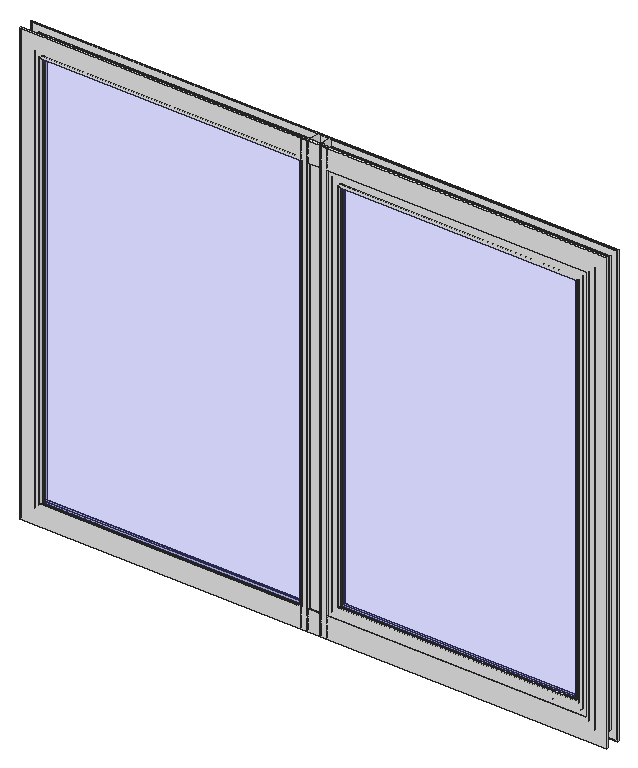
Revit family "WAL_A3-Classic-Side-Hung-1200x900-PS129L", category Windows, host Wall, Revit 2016
Family settings
  Host = Wall
  Always vertical = Yes
  Cut with Voids When Loaded = No
  Shared = No
  Room Calculation Point = No
Parameters (values of type "600 x 1200 PS6L Classic Side Hung")
  URL = "www.agi.co.za"
  Trim Material = Metal - Aluminium
  Model = "Top Hung"
  Manufacturer Code = "PS6L"
  Manufacturer = "AGI Aluminium"
  Height = 900 mm
  Glass Material = Glass
  Frame Material = Metal - Aluminium
  Description = "Classic Side Hung Window"
  Default Sill Height = 800 mm
  Wall Closure = By host
  Width = 1200 mm
  Assembly Code = "B2020110"
Reference planes
  plane 1 "Center": y = 0
  plane 2 "Center (Left/Right)": x = 0
  plane 3 "Left": x = -600
  plane 4 "Right": x = 600
  plane 5 "Sill": z = 800
  plane 6 "Head": z = 1700
  plane 7 "Exterior": y = 75
  plane 8 "Interior": y = -75
  plane 9: z = 1702
  plane 10: x = 602
  plane 11: x = -602
  plane 12: z = 798
  plane 13: z = 1664
  plane 14: z = 836
  plane 15: x = 564
  plane 16: x = -586.1
  plane 17: x = 22
  plane 18: x = -16
  plane 19: z = 1686.1
  plane 20: z = 813.9
Forms (mm)
  Sweep 1, solid, material "Metal - Aluminium" <- "Frame Material", detail levels medium+fine
    path origin (0, 0, 0) x (1, 0, 0) y (0, 0, 1)
      loop
        line (600, 1700) -> (-600, 1700) -> (-600, 800) -> (600, 800) -> (600, 1700)
    profile "Frame : Frame" origin (0, 0, 1700) x (0, 0, -1) y (0, -1, 0)
      loop
        line (0, -30) -> (28, -30) -> (28, -29) -> (26, -29) -> (26, -1) -> (28, -1) -> (28, -7) -> (29, -7) -> (29, -1) -> (37, -1) -> (37, -3.645) -> (38, -3.645) -> (38, -1) -> (40, -1) -> (40, -3.645) -> (41, -3.645) -> (41, 0) -> (0, 0) -> (0, -2) -> (1, -2) -> (1, -1) -> (15.005, -1) -> (15.005, -4) -> (16.005, -4) -> (16.005, -1) -> (25, -1) -> (25, -29) -> (16.005, -29) -> (16.005, -26) -> (15.005, -26) -> (15.005, -29) -> (1, -29) -> (1, -28) -> (0, -28) -> (0, -30)
  Sweep 2, solid, material "Metal - Aluminium" <- "Frame Material", detail levels medium+fine
    path origin (0, 0, 0) x (1, 0, 0) y (0, 0, 1)
      loop
        line (0, 1700) -> (0, 800)
    profile "30 x 50 Center Divide : 30 x 50 Center Divide" origin (0, 0, 1250) x (1, 0, 0) y (0, -1, 0)
      loop
        line (-11, -5) -> (-11, -29) -> (11, -29) -> (11, -5) -> (-11, -5)
      loop
        line (-27.011, 0) -> (-27.011, -3.245) -> (-26.011, -3.245) -> (-26.011, -1) -> (-24.011, -1) -> (-24.011, -3.245) -> (-23.011, -3.245) -> (-23.011, -1) -> (-15.011, -1) -> (-15.011, -6.6) -> (-14.011, -6.6) -> (-14.011, -1) -> (-13.142, -1) -> (-12, -5.263) -> (-12, -29) -> (-14, -29) -> (-14, -30) -> (14, -30) -> (14, -29) -> (12, -29) -> (12, -5.263) -> (13.142, -1) -> (14, -1) -> (14, -7) -> (15, -7) -> (15, -1) -> (23, -1) -> (23, -3.645) -> (24, -3.645) -> (24, -1) -> (26, -1) -> (26, -3.645) -> (27, -3.645) -> (27, 0) -> (12.375, 0) -> (11.303, -4) -> (-11.303, -4) -> (-12.375, 0) -> (-27.011, 0)
  Sweep 3, solid, material "Metal - Aluminium", detail levels medium+fine
    path origin (0, 0, 0) x (1, 0, 0) y (0, 0, 1)
      loop
        line (600, 1700) -> (-16, 1700) -> (-16, 800) -> (600, 800) -> (600, 1700)
    profile "Casement : Casement" origin (292, 0, 1700) x (0, 0, -1) y (0, -1, 0)
      loop
        line (40, -4.645) -> (40, -32.645) -> (49, -32.645) -> (49, -4.645) -> (40, -4.645)
      loop
        line (65, -3.645) -> (37, -3.645) -> (37, -4.645) -> (39, -4.645) -> (39, -32.645) -> (37, -32.645) -> (37, -26.645) -> (36, -26.645) -> (36, -32.645) -> (28, -32.645) -> (28, -30) -> (27, -30) -> (27, -32.645) -> (25, -32.645) -> (25, -30) -> (24, -30) -> (24, -33.645) -> (50, -33.645) -> (50, -4.645) -> (52, -4.645) -> (52, -10.645) -> (53, -10.645) -> (53, -4.645) -> (61, -4.645) -> (61, -7.289) -> (62, -7.289) -> (62, -4.645) -> (64, -4.645) -> (64, -7.289) -> (65, -7.289) -> (65, -3.645)
  Sweep 4, solid, material "Metal - Aluminium" <- "Trim Material", detail levels medium+fine
    path origin (0, 0, 0) x (1, 0, 0) y (0, 0, 1)
      loop
        line (0, 1686.1) -> (-586.1, 1686.1) -> (-586.1, 813.9) -> (0, 813.9) -> (0, 1686.1)
    profile "Trim : Trim" origin (-293.05, 0, 1686.1) x (0, 0, -1) y (0, -1, 0)
      loop
        line (24.555, -1.643) -> (24.555, -4.05)
        arc (24.555, -4.05) -> (23.436, -4.753) -> (23, -6) r 2
        line (23, -6) -> (27, -6)
        arc (27, -6) -> (26.552, -4.739) -> (25.41, -4.042) r 2
        line (25.41, -4.042) -> (25.41, -1.643) -> (24.555, -1.643)
      loop
        line (14, -29) -> (29, -14) -> (29, -12.474) -> (26.323, -12.474)
        arc (26.323, -12.474) -> (26.823, -11.797) -> (27, -10.974) r 2
        line (27, -10.974) -> (23, -10.974)
        arc (23, -10.974) -> (23.177, -11.797) -> (23.677, -12.474) r 2
        line (23.677, -12.474) -> (13.467, -12.474) -> (13.467, -4) -> (12.5, -4) -> (12.5, -13.474) -> (20.535, -13.474) -> (24.323, -17.263) -> (12.586, -29) -> (14, -29)
  Sweep 5, solid, material "Metal - Aluminium", detail levels medium+fine
    path origin (0, 0, 0) x (1, 0, 0) y (0, 0, 1)
      loop
        line (564, 1664) -> (22, 1664) -> (22, 836) -> (564, 836) -> (564, 1664)
    profile "Trim : Trim" origin (293, 0, 1664) x (0, 0, -1) y (0, -1, 0)
      loop
        line (24.555, -4.643) -> (24.555, -7.05)
        arc (24.555, -7.05) -> (23.436, -7.753) -> (23, -9) r 2
        line (23, -9) -> (27, -9)
        arc (27, -9) -> (26.552, -7.739) -> (25.41, -7.042) r 2
        line (25.41, -7.042) -> (25.41, -4.643) -> (24.555, -4.643)
      loop
        line (14, -32) -> (29, -17) -> (29, -15.474) -> (26.323, -15.474)
        arc (26.323, -15.474) -> (26.823, -14.797) -> (27, -13.974) r 2
        line (27, -13.974) -> (23, -13.974)
        arc (23, -13.974) -> (23.177, -14.797) -> (23.677, -15.474) r 2
        line (23.677, -15.474) -> (13.467, -15.474) -> (13.467, -7) -> (12.5, -7) -> (12.5, -16.474) -> (20.535, -16.474) -> (24.323, -20.263) -> (12.586, -32) -> (14, -32)
  Extrusion 6, solid, material "Glass", detail levels medium+fine
    sketch origin (0, 0, 0) x (1, 0, 0) y (0, 1, 0)
      loop
        line (44.982, 13.974) -> (44.982, 9) -> (541, 9) -> (541, 13.974) -> (44.982, 13.974)
    from 859 to 1641
  Extrusion 7, solid, material "Glass", detail levels medium+fine
    sketch origin (0, 0, 0) x (1, 0, 0) y (0, 1, 0)
      loop
        line (-563.118, 10.974) -> (-563.118, 6) -> (-23, 6) -> (-23, 10.974) -> (-563.118, 10.974)
    from 836.897 to 1663.1
Cuts and joins
  joined: Sweep 1, Sweep 2
Lines and regions (mm)
  Opening 1
    outline origin (3500, -75, 0) x (1, 0, 0) y (0, 0, 1)
      loop
        line (-2900, 800) -> (-2900, 1700) -> (-4100, 1700) -> (-4100, 800) -> (-2900, 800)
  symbolic lines, style "Elevation Swing"
    curve 1: line (578, 0, 1678) -> (8, 0, 1250)
    curve 2: line (8, 0, 1250) -> (577, 0, 823)
Text (mm)
  text "EXTERIOR" at (-1963.203, 1332.353, 0), in view "Ref. Level"
  text "INTERIOR" at (-1981.466, -818.386, 0), in view "Ref. Level"
  text "Exterior" at (0, 923.751, 2943.296), in view "Right"
  text "Exterior" at (0, 1040.484, 2685.409), in view "Left"
Dimensions and locks
  equal spacing: plane 3 "Left", plane 2 "Center (Left/Right)", plane 4 "Right"
  "Width": plane 3 "Left" to plane 4 "Right"
  "Height": plane 5 "Sill" to plane 6 "Head"
  "Default Sill Height": plane 5 "Sill" to level
  locked: plane 7 "Exterior" to host wall at 0
  locked: plane 8 "Interior" to host wall
  locked: plane 12 to plane 5 "Sill" at 2
  locked: plane 6 "Head" to plane 9 at 2
  locked: plane 4 "Right" to plane 10 at 2
  locked: plane 11 to plane 3 "Left" at 2
  locked: plane 15 to plane 4 "Right" at 36
  locked: plane 3 "Left" to plane 16 at 13.9
  locked: plane 5 "Sill" to plane 14 at 36
  locked: plane 13 to plane 6 "Head" at 36
  locked: plane 2 "Center (Left/Right)" to plane 18 at 16
  locked: plane 17 to plane 2 "Center (Left/Right)" at 22
  locked: plane 19 to plane 6 "Head" at 13.9
  locked: plane 5 "Sill" to plane 20 at 13.9
  aligned and locked: host wall to Sweep 1 sketch curve
  aligned and locked: Sweep 1 sketch curve to host wall  (x3)
  aligned and locked: plane 6 "Head" to Sweep 2 sketch curve
  aligned and locked: plane 5 "Sill" to Sweep 2 sketch curve
  aligned and locked: plane 2 "Center (Left/Right)" to Sweep 2 sketch curve
  aligned and locked: plane 18 to Sweep 3 sketch curve
  aligned and locked: Sweep 3 sketch curve to plane 5 "Sill"
  aligned and locked: plane 6 "Head" to Sweep 3 sketch curve
  aligned and locked: plane 4 "Right" to Sweep 3 sketch curve
  aligned and locked: Sweep 4 sketch curve to plane 2 "Center (Left/Right)"
  aligned and locked: Sweep 4 sketch curve to plane 19
  aligned and locked: plane 20 to Sweep 4 sketch curve
  aligned and locked: Sweep 4 sketch curve to plane 16
  aligned and locked: plane 14 to Sweep 5 sketch curve
  aligned and locked: Sweep 5 sketch curve to plane 17
  aligned and locked: Sweep 5 sketch curve to plane 13
  aligned and locked: plane 15 to Sweep 5 sketch curve
  aligned and locked: Sweep 5 to Extrusion 6 sketch curve  (x2)
  aligned and locked: Extrusion 6 sketch curve to Sweep 5  (x2)
  aligned and locked: Extrusion 6 to Sweep 5  (x2)
  aligned and locked: Sweep 4 to Extrusion 7 sketch curve  (x2)
  aligned and locked: Extrusion 7 sketch curve to Sweep 4  (x2)
  aligned and locked: Extrusion 7 to Sweep 4  (x2)
Automatic sketch dimensions
  Opening 1 sketch curve to plane 3 "Left" = 0 mm
  Opening 1 sketch curve to plane 4 "Right" = 0 mm
  Opening 1 sketch curve to plane 5 "Sill" = 0 mm
  Opening 1 sketch curve to plane 6 "Head" = 0 mm
  plane 2 "Center (Left/Right)" to curve 1 = 8 mm
  curve 2 to plane 15 = 13 mm
  curve 1 to plane 15 = 14 mm
  plane 20 to curve 2 = 9.1 mm
  curve 2 to plane 13 = 414 mm
  curve 1 to plane 19 = 8.1 mm
